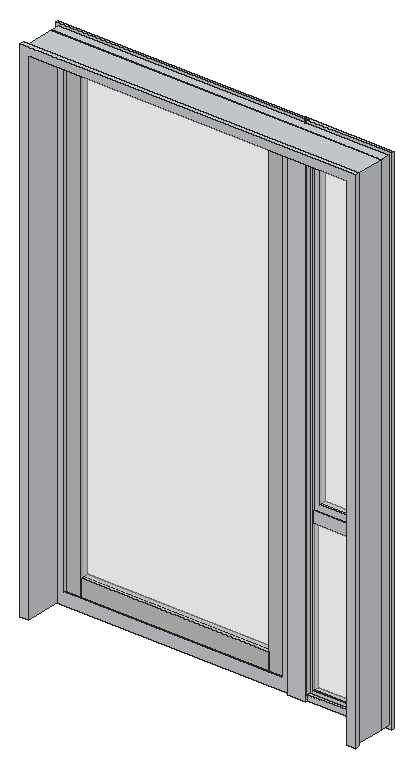
Revit family "APL Residential Thermal Heart Hinged Door with Sidelight", category Doors, host Wall, Revit 2017 (continued)
Definition of nested family "APL Residential Thermal Heart Hinged Door with Sidelight Open Out Horizontal Section"
  Definition of nested family "Frame Sash"
    Definition of nested family "65720_Sash"
      Lines and regions (mm)
        model lines, in view "Ref. Level"
          curve 101: line (16.808, -6.108, 0) -> (16.601, -8.474, 0)
          curve 102: line (17.003, -8.782, 0) -> (18.413, -8.268, 0)
          curve 103: line (19.183, -8, 0) -> (38.5, -8, 0)
          curve 104: line (39, -8.5, 0) -> (39, -13.6, 0)
          curve 105: line (39, -13.6, 0) -> (37.5, -13.6, 0)
          curve 106: line (36.5, -14.6, 0) -> (36.5, -15.098, 0)
          curve 107: line (37.5, -15.099, 0) -> (37.5, -14.6, 0)
          curve 108: line (37.5, -14.6, 0) -> (39.4, -14.6, 0)
          curve 109: line (39.4, -14.6, 0) -> (39.4, -19.8, 0)
          curve 110: line (39.4, -20.4, 0) -> (39.4, -25.6, 0)
          curve 111: line (39.4, -25.6, 0) -> (37.5, -25.6, 0)
          curve 112: line (37.5, -25.6, 0) -> (37.5, -24.002, 0)
          curve 113: line (37, -23.5, 0) -> (36.001, -23.5, 0)
          curve 114: line (35.429, -22.825, 0) -> (34.552, -22.589, 0)
          curve 115: line (34.3, -22.783, 0) -> (34.3, -23.589, 0)
          curve 116: line (34.3, -23.589, 0) -> (34.52, -24.835, 0)
          curve 117: line (34.717, -25, 0) -> (36, -25, 0)
          curve 118: line (36, -25, 0) -> (36, -26.8, 0)
          curve 119: line (36.2, -27, 0) -> (40.6, -27, 0)
          curve 120: line (40.8, -26.8, 0) -> (40.8, 9.2, 0)
          curve 121: line (39.6, 9.2, 0) -> (39.6, 4.17, 0)
          curve 122: line (39.6, 4.17, 0) -> (34.719, 4.17, 0)
          curve 123: line (32.801, 8, 0) -> (24.7, 8, 0)
          curve 124: line (24.7, 8, 0) -> (24.3, 7.6, 0)
          curve 125: line (24.3, 7.6, 0) -> (23.9, 8, 0)
          curve 126: line (23.9, 8, 0) -> (19.183, 8, 0)
          curve 127: line (18.413, 8.268, 0) -> (17.003, 8.782, 0)
          curve 128: line (16.601, 8.474, 0) -> (16.808, 6.108, 0)
          curve 129: line (16.895, 5.922, 0) -> (17.259, 5.559, 0)
          curve 130: line (17.593, 5.648, 0) -> (17.638, 5.816, 0)
          curve 131: line (17.638, 5.816, 0) -> (19.768, 6.49, 0)
          curve 132: line (19.768, 6.49, 0) -> (20, 6.5, 0)
          curve 133: line (20.1, 5.753, 0) -> (20.1, 2.525, 0)
          curve 134: line (20.1, 2.525, 0) -> (20.294, 1.75, 0)
          curve 135: line (20.1, 1.5, 0) -> (19.579, 1.5, 0)
          curve 136: line (19.579, 1.5, 0) -> (18.169, 2.309, 0)
          curve 137: line (17.6, 2.45, 0) -> (17.6, 0.874, 0)
          curve 138: line (22.5, 6.6, 0) -> (28.892, 6.6, 0)
          curve 139: line (34.135, 2.97, 0) -> (38.899, 2.97, 0)
          curve 140: line (39.4, 2.47, 0) -> (39.4, -6.3, 0)
          curve 141: line (38.9, -6.8, 0) -> (22.502, -6.8, 0)
          curve 142: line (22, -6.3, 0) -> (22, 6.1, 0)
          curve 143: arc (22, 6.1, 0) -> (22.146, 6.454, 0) -> (22.5, 6.6, 0) r 0.5
          curve 144: arc (12.714, 14.359, 0) -> (13.138, 14.183, 0) -> (13.314, 13.759, 0) r 0.6
          curve 145: arc (13.633, 5.978, 0) -> (13.937, 5.291, 0) -> (14.633, 5.009, 0) r 1
          curve 146: arc (17.054, 5.009, 0) -> (17.364, 5.05, 0) -> (17.654, 5.17, 0) r 1.2
          curve 147: arc (19.714, 6.209, 0) -> (19.996, 6.092, 0) -> (20.114, 5.809, 0) r 0.4
          curve 148: arc (20.014, 4.834, 0) -> (19.955, 4.693, 0) -> (19.814, 4.634, 0) r 0.2
          curve 149: arc (19.617, 4.653, 0) -> (19.041, 4.615, 0) -> (18.764, 4.109, 0) r 0.6
          curve 150: arc (18.764, 4.109, 0) -> (19.041, 3.603, 0) -> (19.617, 3.565, 0) r 0.6
          curve 151: arc (19.814, 3.584, 0) -> (19.955, 3.525, 0) -> (20.014, 3.384, 0) r 0.2
          curve 152: arc (20.114, 2.409, 0) -> (19.996, 2.126, 0) -> (19.714, 2.009, 0) r 0.4
          curve 153: arc (17.654, 3.048, 0) -> (17.364, 3.168, 0) -> (17.054, 3.209, 0) r 1.2
          curve 154: arc (8.374, 3.209, 0) -> (8.063, 3.168, 0) -> (7.774, 3.048, 0) r 1.2
          curve 155: arc (5.714, 2.009, 0) -> (5.431, 2.126, 0) -> (5.314, 2.409, 0) r 0.4
          curve 156: arc (5.414, 3.384, 0) -> (5.472, 3.525, 0) -> (5.614, 3.584, 0) r 0.2
          curve 157: arc (5.81, 3.565, 0) -> (6.386, 3.603, 0) -> (6.664, 4.109, 0) r 0.6
          curve 158: arc (6.664, 4.109, 0) -> (6.386, 4.615, 0) -> (5.81, 4.653, 0) r 0.6
          curve 159: arc (5.614, 4.634, 0) -> (5.472, 4.693, 0) -> (5.414, 4.834, 0) r 0.2
          curve 160: arc (5.314, 5.809, 0) -> (5.431, 6.092, 0) -> (5.714, 6.209, 0) r 0.4
          curve 161: arc (7.774, 5.17, 0) -> (8.063, 5.05, 0) -> (8.374, 5.009, 0) r 1.2
          curve 162: arc (10.794, 5.009, 0) -> (11.49, 5.291, 0) -> (11.794, 5.978, 0) r 1
          curve 163: line (13.314, 13.759, 0) -> (13.633, 5.978, 0)
          curve 164: line (14.633, 5.009, 0) -> (16.946, 5.009, 0)
          curve 165: line (17.654, 5.17, 0) -> (18.414, 5.609, 0)
          curve 166: line (18.414, 5.609, 0) -> (19.407, 6.182, 0)
          curve 167: line (19.407, 6.182, 0) -> (19.714, 6.209, 0)
          curve 168: line (20.114, 5.809, 0) -> (20.114, 5.309, 0)
          curve 169: line (20.114, 5.309, 0) -> (20.014, 4.834, 0)
          curve 170: line (20.014, 3.384, 0) -> (20.014, 3.009, 0)
          curve 171: line (20.014, 3.009, 0) -> (20.114, 2.409, 0)
          curve 172: line (19.714, 2.009, 0) -> (19.507, 2.009, 0)
          curve 173: line (19.507, 2.009, 0) -> (18.414, 2.609, 0)
          curve 174: line (18.414, 2.609, 0) -> (17.654, 3.048, 0)
          curve 175: line (16.946, 3.209, 0) -> (12.714, 3.209, 0)
          curve 176: line (12.714, 3.209, 0) -> (8.374, 3.209, 0)
          curve 177: line (7.774, 3.048, 0) -> (6.02, 2.036, 0)
          curve 178: line (6.02, 2.036, 0) -> (5.714, 2.009, 0)
          curve 179: line (5.314, 2.409, 0) -> (5.314, 2.909, 0)
          curve 180: line (5.314, 2.909, 0) -> (5.414, 3.384, 0)
          curve 181: line (5.414, 4.834, 0) -> (5.414, 5.209, 0)
          curve 182: line (5.414, 5.209, 0) -> (5.314, 5.809, 0)
          curve 183: line (5.714, 6.209, 0) -> (5.92, 6.209, 0)
          curve 184: line (5.92, 6.209, 0) -> (7.774, 5.17, 0)
          curve 185: line (8.374, 5.009, 0) -> (10.794, 5.009, 0)
          curve 186: line (11.794, 5.978, 0) -> (12.114, 13.768, 0)
          curve 187: arc (12.114, 13.768, 0) -> (12.293, 14.187, 0) -> (12.714, 14.359, 0) r 0.6
          curve 188: arc (5.3, -2.4, 0) -> (5.417, -2.117, 0) -> (5.7, -2, 0) r 0.4
          curve 189: arc (5.993, -2, 0) -> (6.096, -2.014, 0) -> (6.193, -2.054, 0) r 0.4
          curve 190: arc (7.721, -2.939, 0) -> (8.011, -3.059, 0) -> (8.322, -3.1, 0) r 1.2
          curve 191: arc (9.245, -3.1, 0) -> (9.818, -3.281, 0) -> (10.184, -3.758, 0) r 1
          curve 192: arc (10.977, -5.937, 0) -> (11.124, -6.128, 0) -> (11.353, -6.2, 0) r 0.4
          curve 193: arc (14.047, -6.2, 0) -> (14.276, -6.128, 0) -> (14.423, -5.937, 0) r 0.4
          curve 194: arc (15.216, -3.758, 0) -> (15.582, -3.281, 0) -> (16.155, -3.1, 0) r 1
          curve 195: arc (17.078, -3.1, 0) -> (17.389, -3.059, 0) -> (17.679, -2.939, 0) r 1.2
          curve 196: arc (19.207, -2.054, 0) -> (19.304, -2.014, 0) -> (19.407, -2, 0) r 0.4
          curve 197: arc (19.7, -2, 0) -> (19.983, -2.117, 0) -> (20.1, -2.4, 0) r 0.4
          curve 198: arc (20.1, -5.8, 0) -> (19.983, -6.083, 0) -> (19.7, -6.2, 0) r 0.4
          curve 199: arc (19.407, -6.2, 0) -> (19.304, -6.186, 0) -> (19.207, -6.146, 0) r 0.4
          curve 200: arc (17.679, -5.261, 0) -> (17.385, -5.14, 0) -> (17.07, -5.1, 0) r 1.2
          curve 201: arc (17.07, -5.1, 0) -> (16.895, -5.153, 0) -> (16.784, -5.297, 0) r 0.3
          curve 202: arc (15.896, -7.737, 0) -> (15.749, -7.928, 0) -> (15.52, -8, 0) r 0.4
          curve 203: arc (9.88, -8, 0) -> (9.651, -7.928, 0) -> (9.504, -7.737, 0) r 0.4
          curve 204: arc (8.616, -5.297, 0) -> (8.505, -5.153, 0) -> (8.33, -5.1, 0) r 0.3
          curve 205: arc (8.33, -5.1, 0) -> (8.015, -5.14, 0) -> (7.721, -5.261, 0) r 1.2
          curve 206: arc (6.193, -6.146, 0) -> (6.096, -6.186, 0) -> (5.993, -6.2, 0) r 0.4
          curve 207: arc (5.7, -6.2, 0) -> (5.417, -6.083, 0) -> (5.3, -5.8, 0) r 0.4
          curve 208: line (5.7, -2, 0) -> (5.993, -2, 0)
          curve 209: line (6.193, -2.054, 0) -> (7.721, -2.939, 0)
          curve 210: line (8.322, -3.1, 0) -> (9.245, -3.1, 0)
          curve 211: line (10.184, -3.758, 0) -> (10.977, -5.937, 0)
          curve 212: line (11.353, -6.2, 0) -> (14.047, -6.2, 0)
          curve 213: line (14.423, -5.937, 0) -> (15.216, -3.758, 0)
          curve 214: line (16.155, -3.1, 0) -> (17.078, -3.1, 0)
          curve 215: line (17.679, -2.939, 0) -> (19.207, -2.054, 0)
          curve 216: line (19.407, -2, 0) -> (19.7, -2, 0)
          curve 217: line (20.1, -2.4, 0) -> (20.1, -5.8, 0)
          curve 218: line (19.7, -6.2, 0) -> (19.407, -6.2, 0)
          curve 219: line (19.207, -6.146, 0) -> (17.679, -5.261, 0)
          curve 220: line (16.784, -5.297, 0) -> (15.896, -7.737, 0)
          curve 221: line (15.52, -8, 0) -> (9.88, -8, 0)
          curve 222: line (9.504, -7.737, 0) -> (8.616, -5.297, 0)
          curve 223: line (7.721, -5.261, 0) -> (6.193, -6.146, 0)
          curve 224: line (5.993, -6.2, 0) -> (5.7, -6.2, 0)
          curve 225: line (5.3, -5.8, 0) -> (5.3, -2.4, 0)
          curve 226: arc (7.8, -0.874, 0) -> (7.718, -0.477, 0) -> (7.485, -0.146, 0) r 1
          curve 227: arc (7.485, -0.146, 0) -> (7.422, 0, 0) -> (7.485, 0.146, 0) r 0.2
          curve 228: arc (7.485, 0.146, 0) -> (7.718, 0.477, 0) -> (7.8, 0.874, 0) r 1
          curve 229: arc (7.8, 2.449, 0) -> (7.673, 2.668, 0) -> (7.42, 2.663, 0) r 0.25
          curve 230: arc (7.334, 2.611, 0) -> (7.228, 2.479, 0) -> (7.231, 2.309, 0) r 0.25
          curve 231: arc (5.977, 1.544, 0) -> (5.902, 1.511, 0) -> (5.821, 1.5, 0) r 0.3
          curve 232: arc (5.3, 1.5, 0) -> (5.142, 1.578, 0) -> (5.106, 1.75, 0) r 0.2
          curve 233: arc (5.3, 5.753, 0) -> (5.274, 5.875, 0) -> (5.2, 5.976, 0) r 0.3
          curve 234: arc (5.2, 5.976, 0) -> (5.12, 6.307, 0) -> (5.4, 6.5, 0) r 0.3
          curve 235: arc (7.621, 5.957, 0) -> (7.71, 5.905, 0) -> (7.762, 5.816, 0) r 0.2
          curve 236: arc (7.807, 5.648, 0) -> (7.948, 5.507, 0) -> (8.141, 5.559, 0) r 0.2
          curve 237: arc (8.505, 5.922, 0) -> (8.565, 6.008, 0) -> (8.592, 6.108, 0) r 0.3
          curve 238: arc (8.799, 8.474, 0) -> (8.683, 8.738, 0) -> (8.397, 8.782, 0) r 0.3
          curve 239: arc (6.987, 8.268, 0) -> (6.861, 8.181, 0) -> (6.795, 8.043, 0) r 0.3
          curve 240: arc (6.795, 8.043, 0) -> (6.522, 7.801, 0) -> (6.217, 8, 0) r 0.3
          curve 241: arc (-3.3, 8, 0) -> (-4.007, 8.293, 0) -> (-4.3, 9, 0) r 1
          curve 242: arc (-4.3, 18.8, 0) -> (-4.241, 18.941, 0) -> (-4.1, 19, 0) r 0.2
          curve 243: arc (-3.2, 19, 0) -> (-2.493, 19.293, 0) -> (-2.2, 20, 0) r 1
          curve 244: arc (-2.2, 20.751, 0) -> (-2.7, 21.252, 0) -> (-3.2, 20.751, 0) r 0.5
          curve 245: arc (-3.2, 24.751, 0) -> (-2.7, 24.249, 0) -> (-2.2, 24.751, 0) r 0.5
          curve 246: arc (-2.2, 25.501, 0) -> (-2.493, 26.207, 0) -> (-3.199, 26.5, 0) r 0.999
          curve 247: arc (-4.7, 26.5, 0) -> (-5.407, 26.207, 0) -> (-5.7, 25.5, 0) r 1
          curve 248: arc (-5.7, -14.454, 0) -> (-5.548, -15.22, 0) -> (-5.114, -15.869, 0) r 2
          curve 249: arc (5.959, -26.941, 0) -> (6.177, -26.985, 0) -> (6.3, -26.8, 0) r 0.2
          curve 250: arc (6.3, -22.85, 0) -> (6.241, -22.709, 0) -> (6.1, -22.65, 0) r 0.2
          curve 251: arc (5.501, -22.65, 0) -> (5.359, -22.708, 0) -> (5.3, -22.85, 0) r 0.2
          curve 252: arc (5.3, -23.2, 0) -> (5.241, -23.341, 0) -> (5.1, -23.4, 0) r 0.201
          curve 253: arc (4.497, -23.4, 0) -> (4.357, -23.341, 0) -> (4.3, -23.2, 0) r 0.198
          curve 254: arc (4.3, -20.1, 0) -> (4.358, -19.96, 0) -> (4.497, -19.9, 0) r 0.2
          curve 255: arc (5.1, -19.9, 0) -> (5.241, -19.959, 0) -> (5.3, -20.1, 0) r 0.2
          curve 256: arc (5.3, -20.45, 0) -> (5.359, -20.591, 0) -> (5.5, -20.65, 0) r 0.2
          curve 257: arc (6.1, -20.65, 0) -> (6.241, -20.591, 0) -> (6.3, -20.45, 0) r 0.2
          curve 258: arc (6.3, -19.092, 0) -> (6.244, -18.951, 0) -> (6.1, -18.9, 0) r 0.184
          curve 259: arc (6.217, -8, 0) -> (6.522, -7.801, 0) -> (6.795, -8.043, 0) r 0.3
          curve 260: arc (6.795, -8.043, 0) -> (6.861, -8.181, 0) -> (6.987, -8.268, 0) r 0.3
          curve 261: arc (8.397, -8.782, 0) -> (8.683, -8.738, 0) -> (8.799, -8.474, 0) r 0.3
          curve 262: arc (8.592, -6.108, 0) -> (8.565, -6.008, 0) -> (8.505, -5.922, 0) r 0.3
          curve 263: arc (8.141, -5.559, 0) -> (7.948, -5.507, 0) -> (7.807, -5.648, 0) r 0.2
          curve 264: arc (7.762, -5.816, 0) -> (7.71, -5.905, 0) -> (7.621, -5.957, 0) r 0.2
          curve 265: arc (5.4, -6.5, 0) -> (5.12, -6.307, 0) -> (5.2, -5.976, 0) r 0.3
          curve 266: arc (5.2, -5.976, 0) -> (5.274, -5.875, 0) -> (5.3, -5.753, 0) r 0.3
          curve 267: arc (5.106, -1.75, 0) -> (5.142, -1.578, 0) -> (5.3, -1.5, 0) r 0.2
          curve 268: arc (5.82, -1.5, 0) -> (5.902, -1.511, 0) -> (5.977, -1.544, 0) r 0.3
          curve 269: arc (7.231, -2.309, 0) -> (7.228, -2.479, 0) -> (7.334, -2.611, 0) r 0.25
          curve 270: arc (7.42, -2.663, 0) -> (7.672, -2.668, 0) -> (7.8, -2.45, 0) r 0.25
          curve 271: arc (-0.454, 6.272, 0) -> (-0.427, 6.485, 0) -> (-0.608, 6.6, 0) r 0.2
          curve 272: arc (-3.4, 6.6, 0) -> (-4.107, 6.307, 0) -> (-4.4, 5.6, 0) r 1
          curve 273: arc (-4.4, -2.447, 0) -> (-4.254, -2.802, 0) -> (-3.9, -2.949, 0) r 0.5
          curve 274: arc (-2.4, -2.949, 0) -> (-1.693, -3.242, 0) -> (-1.4, -3.949, 0) r 1
          curve 275: arc (-1.4, -4.449, 0) -> (-1.9, -4.949, 0) -> (-2.4, -4.449, 0) r 0.5
          curve 276: arc (-4, -3.949, 0) -> (-4.283, -4.067, 0) -> (-4.4, -4.349, 0) r 0.4
          curve 277: arc (-4.4, -9.05, 0) -> (-4, -9.45, 0) -> (-4.4, -9.85, 0) r 0.4
          curve 278: arc (-4.4, -14.452, 0) -> (-4.347, -14.721, 0) -> (-4.195, -14.949, 0) r 0.7
          curve 279: arc (-2.4, -14.449, 0) -> (-1.9, -13.949, 0) -> (-1.4, -14.449, 0) r 0.5
          curve 280: arc (-1.4, -15.007, 0) -> (-1.602, -15.609, 0) -> (-2.125, -15.969, 0) r 1
          curve 281: arc (-2.125, -15.969, 0) -> (-2.472, -16.324, 0) -> (-2.341, -16.803, 0) r 0.5
          curve 282: arc (2.959, -22.103, 0) -> (3.177, -22.146, 0) -> (3.3, -21.962, 0) r 0.2
          curve 283: line (7.8, 0.874, 0) -> (7.8, 2.449, 0)
          curve 284: line (7.231, 2.309, 0) -> (5.977, 1.544, 0)
          curve 285: line (5.977, 1.544, 0) -> (5.3, 1.5, 0)
          curve 286: line (5.106, 1.75, 0) -> (5.294, 2.475, 0)
          curve 287: line (5.294, 2.475, 0) -> (5.3, 5.753, 0)
          curve 288: line (5.554, 6.5, 0) -> (7.621, 5.957, 0)
          curve 289: line (7.621, 5.957, 0) -> (7.807, 5.648, 0)
          curve 290: line (8.141, 5.559, 0) -> (8.505, 5.922, 0)
          curve 291: line (8.592, 6.108, 0) -> (8.799, 8.474, 0)
          curve 292: line (8.397, 8.782, 0) -> (6.987, 8.268, 0)
          curve 293: line (6.217, 8, 0) -> (-3.3, 8, 0)
          curve 294: line (-4.3, 9, 0) -> (-4.3, 18.8, 0)
          curve 295: line (-4.1, 19, 0) -> (-3.2, 19, 0)
          curve 296: line (-2.2, 20, 0) -> (-2.2, 20.751, 0)
          curve 297: line (-3.2, 20.751, 0) -> (-3.2, 20, 0)
          curve 298: line (-3.2, 20, 0) -> (-4.7, 20, 0)
          curve 299: line (-4.7, 20, 0) -> (-4.7, 25.5, 0)
          curve 300: line (-4.7, 25.5, 0) -> (-3.2, 25.5, 0)
          curve 301: line (-3.2, 25.5, 0) -> (-3.2, 24.751, 0)
          curve 302: line (-2.2, 24.751, 0) -> (-2.2, 25.501, 0)
          curve 303: line (-3.199, 26.5, 0) -> (-4.7, 26.5, 0)
          curve 304: line (-5.7, 25.5, 0) -> (-5.7, -14.454, 0)
          curve 305: line (-5.114, -15.869, 0) -> (5.959, -26.941, 0)
          curve 306: line (6.3, -26.8, 0) -> (6.3, -22.85, 0)
          curve 307: line (6.1, -22.65, 0) -> (5.501, -22.65, 0)
          curve 308: line (5.3, -22.85, 0) -> (5.3, -23.2, 0)
          curve 309: line (5.1, -23.4, 0) -> (4.497, -23.4, 0)
          curve 310: line (4.3, -23.2, 0) -> (4.3, -20.1, 0)
          curve 311: line (4.497, -19.9, 0) -> (5.1, -19.9, 0)
          curve 312: line (5.3, -20.1, 0) -> (5.3, -20.45, 0)
          curve 313: line (5.5, -20.65, 0) -> (6.1, -20.65, 0)
          curve 314: line (6.3, -20.45, 0) -> (6.3, -19.092, 0)
          curve 315: line (6.1, -18.9, 0) -> (4.6, -18.9, 0)
          curve 316: line (4.6, -18.9, 0) -> (4.6, -8, 0)
          curve 317: line (4.6, -8, 0) -> (6.217, -8, 0)
          curve 318: line (6.987, -8.268, 0) -> (8.397, -8.782, 0)
          curve 319: line (8.799, -8.474, 0) -> (8.592, -6.108, 0)
          curve 320: line (8.505, -5.922, 0) -> (8.141, -5.559, 0)
          curve 321: line (7.807, -5.648, 0) -> (7.762, -5.816, 0)
          curve 322: line (7.762, -5.816, 0) -> (5.632, -6.49, 0)
          curve 323: line (5.632, -6.49, 0) -> (5.4, -6.5, 0)
          curve 324: line (5.3, -5.753, 0) -> (5.3, -2.525, 0)
          curve 325: line (5.3, -2.525, 0) -> (5.106, -1.75, 0)
          curve 326: line (5.3, -1.5, 0) -> (5.82, -1.5, 0)
          curve 327: line (5.821, -1.5, 0) -> (7.231, -2.309, 0)
          curve 328: line (7.8, -2.45, 0) -> (7.8, -0.874, 0)
          curve 329: line (-0.608, 6.6, 0) -> (-3.4, 6.6, 0)
          curve 330: line (-4.4, 5.6, 0) -> (-4.4, -2.447, 0)
          curve 331: line (-3.9, -2.949, 0) -> (-2.4, -2.949, 0)
          curve 332: line (-1.4, -3.949, 0) -> (-1.4, -4.449, 0)
          curve 333: line (-2.4, -4.449, 0) -> (-2.4, -3.949, 0)
          curve 334: line (-2.4, -3.949, 0) -> (-4, -3.949, 0)
          curve 335: line (-4.4, -4.349, 0) -> (-4.4, -9.05, 0)
          curve 336: line (-4.4, -9.85, 0) -> (-4.4, -14.452, 0)
          curve 337: line (-4.195, -14.949, 0) -> (-2.4, -14.949, 0)
          curve 338: line (-2.4, -14.949, 0) -> (-2.4, -14.449, 0)
          curve 339: line (-1.4, -14.449, 0) -> (-1.4, -15.007, 0)
          curve 340: line (-2.341, -16.803, 0) -> (2.959, -22.103, 0)
          curve 341: line (3.3, -21.962, 0) -> (3.3, 2.193, 0)
          curve 342: arc (3.3, 2.193, 0) -> (3.272, 2.296, 0) -> (3.194, 2.37, 0) r 0.2
          curve 343: arc (3.194, 2.37, 0) -> (2.838, 2.85, 0) -> (2.984, 3.43, 0) r 0.7
          curve 344: arc (2.984, 3.43, 0) -> (3.33, 4.4, 0) -> (2.984, 5.37, 0) r 1.53
          curve 345: arc (2.984, 5.37, 0) -> (2.892, 5.514, 0) -> (2.838, 5.676, 0) r 0.7
          curve 346: arc (2.838, 5.676, 0) -> (2.741, 5.888, 0) -> (2.559, 6.032, 0) r 0.5
          curve 347: arc (2.559, 6.032, 0) -> (1.8, 6.2, 0) -> (1.041, 6.032, 0) r 1.8
          curve 348: arc (1.041, 6.032, 0) -> (0.859, 5.888, 0) -> (0.762, 5.676, 0) r 0.5
          curve 349: arc (0.762, 5.676, 0) -> (0.708, 5.514, 0) -> (0.616, 5.37, 0) r 0.7
          curve 350: arc (0.616, 5.37, 0) -> (0.27, 4.4, 0) -> (0.616, 3.43, 0) r 1.53
          curve 351: arc (0.616, 3.43, 0) -> (0.519, 2.445, 0) -> (-0.466, 2.543, 0) r 0.7
          curve 352: arc (-0.466, 2.543, 0) -> (-1.13, 4.41, 0) -> (-0.454, 6.272, 0) r 2.93
      Text (mm)
        text "65720" at (33.241, 33.025, 0), in view "Ref. Level"
    Definition of nested family "65180_Sidelight Frame"
      Reference planes
        plane 1 "Center (Front/Back)": y = 0
        plane 2: z = 0
        plane 3 "Center (Left/Right)": x = 0
      Lines and regions (mm)
        model lines, in view "Ref. Level"
          curve 1: arc (13.922, -26.595, 0) -> (14.008, -26.535, 0) -> (14.108, -26.508, 0) r 0.3
          curve 2: arc (16.474, -26.301, 0) -> (16.738, -26.417, 0) -> (16.782, -26.703, 0) r 0.3
          curve 3: arc (16.268, -28.113, 0) -> (16.181, -28.239, 0) -> (16.043, -28.305, 0) r 0.3
          curve 4: arc (16.043, -28.305, 0) -> (15.801, -28.578, 0) -> (16, -28.883, 0) r 0.3
          curve 5: arc (16, -33, 0) -> (15.941, -33.141, 0) -> (15.8, -33.2, 0) r 0.2
          curve 6: arc (15.5, -33.2, 0) -> (15.2, -33.12, 0) -> (14.98, -32.9, 0) r 0.6
          curve 7: arc (14.345, -31.8, 0) -> (14.272, -31.727, 0) -> (14.172, -31.7, 0) r 0.2
          curve 8: arc (-2.699, -31.7, 0) -> (-3.407, -31.993, 0) -> (-3.7, -32.7, 0) r 1
          curve 9: arc (-3.7, -34.764, 0) -> (-3.662, -34.956, 0) -> (-3.554, -35.118, 0) r 0.5
          curve 10: arc (1.791, -40.463, 0) -> (2.1, -40.673, 0) -> (2.463, -40.755, 0) r 1
          curve 11: arc (14.935, -41.178, 0) -> (15.052, -41.143, 0) -> (15.127, -41.047, 0) r 0.2
          curve 12: arc (15.127, -41.047, 0) -> (15.234, -40.879, 0) -> (15.403, -40.775, 0) r 0.45
          curve 13: arc (15.403, -40.775, 0) -> (15.522, -40.771, 0) -> (15.621, -40.835, 0) r 0.2
          curve 14: arc (16, -42.3, 0) -> (15.941, -42.441, 0) -> (15.8, -42.5, 0) r 0.2
          curve 15: arc (2.243, -42.5, 0) -> (1.095, -42.272, 0) -> (0.121, -41.621, 0) r 3
          curve 16: arc (-4.121, -37.379, 0) -> (-5.095, -36.728, 0) -> (-6.243, -36.5, 0) r 3
          curve 17: arc (-19, -36.5, 0) -> (-19.707, -36.207, 0) -> (-20, -35.5, 0) r 1
          curve 18: arc (-20, -29.708, 0) -> (-19.944, -29.561, 0) -> (-19.8, -29.5, 0) r 0.2
          curve 19: arc (-19, -29.5, 0) -> (-18.859, -29.559, 0) -> (-18.8, -29.7, 0) r 0.2
          curve 20: arc (-18.8, -29.995, 0) -> (-18.547, -30.43, 0) -> (-18.044, -30.424, 0) r 0.5
          curve 21: arc (-18.044, -30.424, 0) -> (-16.297, -30.007, 0) -> (-14.624, -30.663, 0) r 3
          curve 22: arc (-14.624, -30.663, 0) -> (-14.512, -31.7, 0) -> (-15.549, -31.812, 0) r 0.737
          curve 23: arc (-15.549, -31.812, 0) -> (-16.505, -31.475, 0) -> (-17.461, -31.812, 0) r 1.525
          curve 24: arc (-17.461, -31.812, 0) -> (-17.612, -31.906, 0) -> (-17.78, -31.961, 0) r 0.737
          curve 25: arc (-17.78, -31.961, 0) -> (-17.992, -32.058, 0) -> (-18.137, -32.24, 0) r 0.5
          curve 26: arc (-18.137, -32.24, 0) -> (-18.305, -33, 0) -> (-18.136, -33.76, 0) r 1.8
          curve 27: arc (-18.136, -33.76, 0) -> (-17.992, -33.942, 0) -> (-17.781, -34.039, 0) r 0.5
          curve 28: arc (-17.781, -34.039, 0) -> (-17.613, -34.094, 0) -> (-17.462, -34.187, 0) r 0.75
          curve 29: arc (-17.462, -34.187, 0) -> (-16.505, -34.525, 0) -> (-15.548, -34.187, 0) r 1.525
          curve 30: arc (-15.548, -34.187, 0) -> (-14.677, -34.143, 0) -> (-14.353, -34.952, 0) r 0.75
          curve 31: arc (-14.353, -34.952, 0) -> (-14.316, -35.123, 0) -> (-14.159, -35.2, 0) r 0.2
          curve 32: arc (-6.7, -35.2, 0) -> (-6.346, -35.053, 0) -> (-6.2, -34.7, 0) r 0.5
          curve 33: arc (-6.2, -32.7, 0) -> (-5.175, -30.225, 0) -> (-2.7, -29.2, 0) r 3.5
          curve 34: arc (-0.2, -29.2, 0) -> (-0.059, -29.141, 0) -> (0, -29, 0) r 0.2
          curve 35: arc (0, -28.883, 0) -> (0.199, -28.578, 0) -> (-0.043, -28.305, 0) r 0.3
          curve 36: arc (-0.043, -28.305, 0) -> (-0.181, -28.239, 0) -> (-0.268, -28.113, 0) r 0.3
          curve 37: arc (-0.782, -26.703, 0) -> (-0.738, -26.417, 0) -> (-0.474, -26.301, 0) r 0.3
          curve 38: arc (1.892, -26.508, 0) -> (1.992, -26.535, 0) -> (2.078, -26.595, 0) r 0.3
          curve 39: arc (2.441, -26.959, 0) -> (2.493, -27.152, 0) -> (2.352, -27.293, 0) r 0.2
          curve 40: arc (2.184, -27.338, 0) -> (2.095, -27.39, 0) -> (2.043, -27.479, 0) r 0.2
          curve 41: arc (1.5, -29.7, 0) -> (1.693, -29.98, 0) -> (2.024, -29.9, 0) r 0.3
          curve 42: arc (2.024, -29.9, 0) -> (2.125, -29.826, 0) -> (2.247, -29.8, 0) r 0.3
          curve 43: arc (6.25, -29.994, 0) -> (6.422, -29.958, 0) -> (6.5, -29.8, 0) r 0.2
          curve 44: arc (6.5, -29.279, 0) -> (6.489, -29.198, 0) -> (6.456, -29.123, 0) r 0.3
          curve 45: arc (5.691, -27.869, 0) -> (5.521, -27.872, 0) -> (5.389, -27.766, 0) r 0.25
          curve 46: arc (5.337, -27.68, 0) -> (5.332, -27.428, 0) -> (5.55, -27.3, 0) r 0.25
          curve 47: arc (7.125, -27.3, 0) -> (7.522, -27.382, 0) -> (7.854, -27.615, 0) r 1
          curve 48: arc (7.854, -27.615, 0) -> (8, -27.678, 0) -> (8.146, -27.615, 0) r 0.2
          curve 49: arc (8.146, -27.615, 0) -> (8.477, -27.382, 0) -> (8.874, -27.3, 0) r 1
          curve 50: arc (10.45, -27.3, 0) -> (10.668, -27.427, 0) -> (10.663, -27.68, 0) r 0.25
          curve 51: arc (10.611, -27.766, 0) -> (10.479, -27.872, 0) -> (10.309, -27.869, 0) r 0.25
          curve 52: arc (9.544, -29.123, 0) -> (9.511, -29.198, 0) -> (9.5, -29.279, 0) r 0.3
          curve 53: arc (9.5, -29.8, 0) -> (9.578, -29.958, 0) -> (9.75, -29.994, 0) r 0.2
          curve 54: arc (13.753, -29.8, 0) -> (13.875, -29.826, 0) -> (13.976, -29.9, 0) r 0.3
          curve 55: arc (13.976, -29.9, 0) -> (14.307, -29.98, 0) -> (14.5, -29.7, 0) r 0.3
          curve 56: arc (13.957, -27.479, 0) -> (13.905, -27.39, 0) -> (13.816, -27.338, 0) r 0.2
          curve 57: arc (13.648, -27.293, 0) -> (13.507, -27.152, 0) -> (13.559, -26.959, 0) r 0.2
          curve 58: line (14.108, -26.508, 0) -> (16.474, -26.301, 0)
          curve 59: line (16.782, -26.703, 0) -> (16.268, -28.113, 0)
          curve 60: line (16, -28.883, 0) -> (16, -33, 0)
          curve 61: line (15.8, -33.2, 0) -> (15.5, -33.2, 0)
          curve 62: line (14.98, -32.9, 0) -> (14.345, -31.8, 0)
          curve 63: line (14.172, -31.7, 0) -> (-2.699, -31.7, 0)
          curve 64: line (-3.7, -32.7, 0) -> (-3.7, -34.764, 0)
          curve 65: line (-3.554, -35.118, 0) -> (1.791, -40.463, 0)
          curve 66: line (2.463, -40.755, 0) -> (14, -41.158, 0)
          curve 67: line (14, -41.158, 0) -> (14.935, -41.178, 0)
          curve 68: line (15.621, -40.835, 0) -> (15.953, -41.231, 0)
          curve 69: line (15.953, -41.231, 0) -> (16, -42.3, 0)
          curve 70: line (15.8, -42.5, 0) -> (2.243, -42.5, 0)
          curve 71: line (0.121, -41.621, 0) -> (-4.121, -37.379, 0)
          curve 72: line (-6.243, -36.5, 0) -> (-19, -36.5, 0)
          curve 73: line (-20, -35.5, 0) -> (-20, -29.708, 0)
          curve 74: line (-19.8, -29.5, 0) -> (-19, -29.5, 0)
          curve 75: line (-18.8, -29.7, 0) -> (-18.8, -29.995, 0)
          curve 76: line (-14.159, -35.2, 0) -> (-6.7, -35.2, 0)
          curve 77: line (-6.2, -34.7, 0) -> (-6.2, -32.7, 0)
          curve 78: line (-2.7, -29.2, 0) -> (-0.2, -29.2, 0)
          curve 79: line (-0.268, -28.113, 0) -> (-0.782, -26.703, 0)
          curve 80: line (-0.474, -26.301, 0) -> (1.892, -26.508, 0)
          curve 81: line (2.078, -26.595, 0) -> (2.441, -26.959, 0)
          curve 82: line (2.352, -27.293, 0) -> (2.184, -27.338, 0)
          curve 83: line (2.184, -27.338, 0) -> (1.51, -29.468, 0)
          curve 84: line (1.51, -29.468, 0) -> (1.5, -29.7, 0)
          curve 85: line (2.247, -29.8, 0) -> (5.475, -29.8, 0)
          curve 86: line (5.475, -29.8, 0) -> (6.25, -29.994, 0)
          curve 87: line (6.5, -29.8, 0) -> (6.5, -29.279, 0)
          curve 88: line (6.5, -29.279, 0) -> (5.691, -27.869, 0)
          curve 89: line (5.55, -27.3, 0) -> (7.125, -27.3, 0)
          curve 90: line (8.874, -27.3, 0) -> (10.45, -27.3, 0)
          curve 91: line (10.309, -27.869, 0) -> (9.544, -29.123, 0)
          curve 92: line (9.544, -29.123, 0) -> (9.5, -29.8, 0)
          curve 93: line (9.75, -29.994, 0) -> (10.5, -29.8, 0)
          curve 94: line (10.475, -29.806, 0) -> (13.753, -29.8, 0)
          curve 95: line (14.5, -29.546, 0) -> (13.957, -27.479, 0)
          curve 96: line (13.957, -27.479, 0) -> (13.648, -27.293, 0)
          curve 97: line (13.559, -26.959, 0) -> (13.922, -26.595, 0)
          curve 98: arc (5.6, -29.8, 0) -> (5.883, -29.683, 0) -> (6, -29.4, 0) r 0.4
          curve 99: arc (6, -29.107, 0) -> (5.986, -29.004, 0) -> (5.946, -28.907, 0) r 0.4
          curve 100: arc (5.061, -27.379, 0) -> (4.941, -27.089, 0) -> (4.9, -26.778, 0) r 1.2
          curve 101: arc (4.9, -25.855, 0) -> (4.719, -25.282, 0) -> (4.242, -24.916, 0) r 1
          curve 102: arc (2.063, -24.123, 0) -> (1.872, -23.976, 0) -> (1.8, -23.747, 0) r 0.4
          curve 103: arc (1.8, -21.053, 0) -> (1.872, -20.824, 0) -> (2.063, -20.677, 0) r 0.4
          curve 104: arc (4.242, -19.884, 0) -> (4.719, -19.518, 0) -> (4.9, -18.945, 0) r 1
          curve 105: arc (4.9, -18.022, 0) -> (4.941, -17.711, 0) -> (5.061, -17.421, 0) r 1.2
          curve 106: arc (5.946, -15.893, 0) -> (5.986, -15.796, 0) -> (6, -15.693, 0) r 0.4
          curve 107: arc (6, -15.4, 0) -> (5.883, -15.117, 0) -> (5.6, -15, 0) r 0.4
          curve 108: arc (2.2, -15, 0) -> (1.917, -15.117, 0) -> (1.8, -15.4, 0) r 0.4
          curve 109: arc (1.8, -15.693, 0) -> (1.814, -15.796, 0) -> (1.854, -15.893, 0) r 0.4
          curve 110: arc (2.739, -17.421, 0) -> (2.86, -17.715, 0) -> (2.9, -18.03, 0) r 1.2
          curve 111: arc (2.9, -18.03, 0) -> (2.847, -18.205, 0) -> (2.703, -18.316, 0) r 0.3
          curve 112: arc (0.263, -19.204, 0) -> (0.072, -19.351, 0) -> (0, -19.58, 0) r 0.4
          curve 113: arc (0, -25.22, 0) -> (0.072, -25.449, 0) -> (0.263, -25.596, 0) r 0.4
          curve 114: arc (2.703, -26.484, 0) -> (2.847, -26.595, 0) -> (2.9, -26.77, 0) r 0.3
          curve 115: arc (2.9, -26.77, 0) -> (2.86, -27.085, 0) -> (2.739, -27.379, 0) r 1.2
          curve 116: arc (1.854, -28.907, 0) -> (1.814, -29.004, 0) -> (1.8, -29.107, 0) r 0.4
          curve 117: arc (1.8, -29.4, 0) -> (1.917, -29.683, 0) -> (2.2, -29.8, 0) r 0.4
          curve 118: line (6, -29.4, 0) -> (6, -29.107, 0)
          curve 119: line (5.946, -28.907, 0) -> (5.061, -27.379, 0)
          curve 120: line (4.9, -26.778, 0) -> (4.9, -25.855, 0)
          curve 121: line (4.242, -24.916, 0) -> (2.063, -24.123, 0)
          curve 122: line (1.8, -23.747, 0) -> (1.8, -21.053, 0)
          curve 123: line (2.063, -20.677, 0) -> (4.242, -19.884, 0)
          curve 124: line (4.9, -18.945, 0) -> (4.9, -18.022, 0)
          curve 125: line (5.061, -17.421, 0) -> (5.946, -15.893, 0)
          curve 126: line (6, -15.693, 0) -> (6, -15.4, 0)
          curve 127: line (5.6, -15, 0) -> (2.2, -15, 0)
          curve 128: line (1.8, -15.4, 0) -> (1.8, -15.693, 0)
          curve 129: line (1.854, -15.893, 0) -> (2.739, -17.421, 0)
          curve 130: line (2.703, -18.316, 0) -> (0.263, -19.204, 0)
          curve 131: line (0, -19.58, 0) -> (0, -25.22, 0)
          curve 132: line (0.263, -25.596, 0) -> (2.703, -26.484, 0)
          curve 133: line (2.739, -27.379, 0) -> (1.854, -28.907, 0)
          curve 134: line (1.8, -29.107, 0) -> (1.8, -29.4, 0)
          curve 135: line (2.2, -29.8, 0) -> (5.6, -29.8, 0)
          curve 136: arc (10.4, -29.8, 0) -> (10.117, -29.683, 0) -> (10, -29.4, 0) r 0.4
          curve 137: arc (10, -29.107, 0) -> (10.014, -29.004, 0) -> (10.054, -28.907, 0) r 0.4
          curve 138: arc (10.939, -27.379, 0) -> (11.059, -27.089, 0) -> (11.1, -26.778, 0) r 1.2
          curve 139: arc (11.1, -25.855, 0) -> (11.281, -25.282, 0) -> (11.758, -24.916, 0) r 1
          curve 140: arc (13.937, -24.123, 0) -> (14.128, -23.976, 0) -> (14.2, -23.747, 0) r 0.4
          curve 141: arc (14.2, -21.053, 0) -> (14.128, -20.824, 0) -> (13.937, -20.677, 0) r 0.4
          curve 142: arc (11.758, -19.884, 0) -> (11.281, -19.518, 0) -> (11.1, -18.945, 0) r 1
          curve 143: arc (11.1, -18.022, 0) -> (11.059, -17.711, 0) -> (10.939, -17.421, 0) r 1.2
          curve 144: arc (10.054, -15.893, 0) -> (10.014, -15.796, 0) -> (10, -15.693, 0) r 0.4
          curve 145: arc (10, -15.4, 0) -> (10.117, -15.117, 0) -> (10.4, -15, 0) r 0.4
          curve 146: arc (13.8, -15, 0) -> (14.083, -15.117, 0) -> (14.2, -15.4, 0) r 0.4
          curve 147: arc (14.2, -15.693, 0) -> (14.186, -15.796, 0) -> (14.146, -15.893, 0) r 0.4
          curve 148: arc (13.261, -17.421, 0) -> (13.14, -17.715, 0) -> (13.1, -18.03, 0) r 1.2
          curve 149: arc (13.1, -18.03, 0) -> (13.153, -18.205, 0) -> (13.297, -18.316, 0) r 0.3
          curve 150: arc (15.737, -19.204, 0) -> (15.928, -19.351, 0) -> (16, -19.58, 0) r 0.4
          curve 151: arc (16, -25.22, 0) -> (15.928, -25.449, 0) -> (15.737, -25.596, 0) r 0.4
          curve 152: arc (13.297, -26.484, 0) -> (13.153, -26.595, 0) -> (13.1, -26.77, 0) r 0.3
          curve 153: arc (13.1, -26.77, 0) -> (13.14, -27.085, 0) -> (13.261, -27.379, 0) r 1.2
          curve 154: arc (14.146, -28.907, 0) -> (14.186, -29.004, 0) -> (14.2, -29.107, 0) r 0.4
          curve 155: arc (14.2, -29.4, 0) -> (14.083, -29.683, 0) -> (13.8, -29.8, 0) r 0.4
          curve 156: line (10, -29.4, 0) -> (10, -29.107, 0)
          curve 157: line (10.054, -28.907, 0) -> (10.939, -27.379, 0)
          curve 158: line (11.1, -26.778, 0) -> (11.1, -25.855, 0)
          curve 159: line (11.758, -24.916, 0) -> (13.937, -24.123, 0)
          curve 160: line (14.2, -23.747, 0) -> (14.2, -21.053, 0)
          curve 161: line (13.937, -20.677, 0) -> (11.758, -19.884, 0)
          curve 162: line (11.1, -18.945, 0) -> (11.1, -18.022, 0)
          curve 163: line (10.939, -17.421, 0) -> (10.054, -15.893, 0)
          curve 164: line (10, -15.693, 0) -> (10, -15.4, 0)
          curve 165: line (10.4, -15, 0) -> (13.8, -15, 0)
          curve 166: line (14.2, -15.4, 0) -> (14.2, -15.693, 0)
          curve 167: line (14.146, -15.893, 0) -> (13.261, -17.421, 0)
          curve 168: line (13.297, -18.316, 0) -> (15.737, -19.204, 0)
          curve 169: line (16, -19.58, 0) -> (16, -25.22, 0)
          curve 170: line (15.737, -25.596, 0) -> (13.297, -26.484, 0)
          curve 171: line (13.261, -27.379, 0) -> (14.146, -28.907, 0)
          curve 172: line (14.2, -29.107, 0) -> (14.2, -29.4, 0)
          curve 173: line (13.8, -29.8, 0) -> (10.4, -29.8, 0)
          curve 174: arc (20.188, 16.327, 0) -> (20.255, 16.451, 0) -> (20.387, 16.5, 0) r 0.2
          curve 175: arc (20.7, 16.5, 0) -> (20.841, 16.559, 0) -> (20.9, 16.7, 0) r 0.2
          curve 176: arc (20.9, 20, 0) -> (21.4, 20.5, 0) -> (21.9, 20, 0) r 0.5
          curve 177: arc (21.9, 16.5, 0) -> (21.349, 14.768, 0) -> (19.9, 13.672, 0) r 3
          curve 178: arc (19.9, 13.672, 0) -> (18.451, 12.575, 0) -> (17.9, 10.843, 0) r 3
          curve 179: arc (17.9, 6.583, 0) -> (18.701, 4.543, 0) -> (20.676, 3.592, 0) r 3
          curve 180: arc (34.8, 3.5, 0) -> (34.941, 3.441, 0) -> (35, 3.3, 0) r 0.2
          curve 181: arc (35, 0.2, 0) -> (34.941, 0.059, 0) -> (34.8, 0, 0) r 0.2
          curve 182: arc (33.25, 0, 0) -> (32.749, 0.499, 0) -> (33.249, 1, 0) r 0.5
          curve 183: arc (29.249, 1, 0) -> (29.749, 0.5, 0) -> (29.249, 0, 0) r 0.5
          curve 184: arc (28.5, 0, 0) -> (27.793, 0.293, 0) -> (27.5, 1, 0) r 1
          curve 185: arc (27.5, 1.9, 0) -> (27.441, 2.041, 0) -> (27.3, 2.1, 0) r 0.2
          curve 186: arc (16.2, 2.1, 0) -> (16.059, 2.041, 0) -> (16, 1.9, 0) r 0.2
          curve 187: arc (16, -15.917, 0) -> (15.801, -16.222, 0) -> (16.043, -16.495, 0) r 0.3
          curve 188: arc (16.043, -16.495, 0) -> (16.181, -16.561, 0) -> (16.268, -16.687, 0) r 0.3
          curve 189: arc (16.782, -18.097, 0) -> (16.738, -18.383, 0) -> (16.474, -18.499, 0) r 0.3
          curve 190: arc (14.108, -18.292, 0) -> (14.008, -18.265, 0) -> (13.922, -18.205, 0) r 0.3
          curve 191: arc (13.559, -17.841, 0) -> (13.507, -17.648, 0) -> (13.648, -17.507, 0) r 0.2
          curve 192: arc (13.816, -17.462, 0) -> (13.905, -17.41, 0) -> (13.957, -17.321, 0) r 0.2
          curve 193: arc (14.5, -15.1, 0) -> (14.307, -14.82, 0) -> (13.976, -14.9, 0) r 0.3
          curve 194: arc (13.976, -14.9, 0) -> (13.875, -14.974, 0) -> (13.753, -15, 0) r 0.3
          curve 195: arc (9.75, -14.806, 0) -> (9.578, -14.842, 0) -> (9.5, -15, 0) r 0.2
          curve 196: arc (9.5, -15.521, 0) -> (9.511, -15.602, 0) -> (9.544, -15.677, 0) r 0.3
          curve 197: arc (10.309, -16.931, 0) -> (10.479, -16.928, 0) -> (10.611, -17.034, 0) r 0.25
          curve 198: arc (10.663, -17.12, 0) -> (10.668, -17.372, 0) -> (10.45, -17.5, 0) r 0.25
          curve 199: arc (8.874, -17.5, 0) -> (8.477, -17.418, 0) -> (8.146, -17.185, 0) r 1
          curve 200: arc (8.146, -17.185, 0) -> (8, -17.122, 0) -> (7.854, -17.185, 0) r 0.2
          curve 201: arc (7.854, -17.185, 0) -> (7.523, -17.418, 0) -> (7.126, -17.5, 0) r 1
          curve 202: arc (5.55, -17.5, 0) -> (5.332, -17.372, 0) -> (5.337, -17.12, 0) r 0.25
          curve 203: arc (5.389, -17.034, 0) -> (5.521, -16.928, 0) -> (5.691, -16.931, 0) r 0.25
          curve 204: arc (6.456, -15.677, 0) -> (6.489, -15.602, 0) -> (6.5, -15.521, 0) r 0.3
          curve 205: arc (6.5, -15, 0) -> (6.422, -14.842, 0) -> (6.25, -14.806, 0) r 0.2
          curve 206: arc (2.247, -15, 0) -> (2.125, -14.974, 0) -> (2.024, -14.9, 0) r 0.3
          curve 207: arc (2.024, -14.9, 0) -> (1.693, -14.82, 0) -> (1.5, -15.1, 0) r 0.3
          curve 208: arc (2.043, -17.321, 0) -> (2.095, -17.41, 0) -> (2.184, -17.462, 0) r 0.2
          curve 209: arc (2.352, -17.507, 0) -> (2.493, -17.648, 0) -> (2.441, -17.841, 0) r 0.2
          curve 210: arc (2.078, -18.205, 0) -> (1.992, -18.265, 0) -> (1.892, -18.292, 0) r 0.3
          curve 211: arc (-0.474, -18.499, 0) -> (-0.738, -18.383, 0) -> (-0.782, -18.097, 0) r 0.3
          curve 212: arc (-0.268, -16.687, 0) -> (-0.181, -16.561, 0) -> (-0.043, -16.495, 0) r 0.3
          curve 213: arc (-0.043, -16.495, 0) -> (0.199, -16.222, 0) -> (0, -15.917, 0) r 0.3
          curve 214: arc (0, -14.1, 0) -> (0.293, -13.393, 0) -> (1, -13.1, 0) r 1
          curve 215: arc (13.8, -13.1, 0) -> (13.941, -13.041, 0) -> (14, -12.9, 0) r 0.2
          curve 216: arc (14, -4.691, 0) -> (13.854, -4.337, 0) -> (13.5, -4.191, 0) r 0.5
          curve 217: arc (10.076, -4.191, 0) -> (9.722, -4.044, 0) -> (9.575, -3.691, 0) r 0.501
          curve 218: arc (9.575, 3, 0) -> (9.634, 3.141, 0) -> (9.775, 3.2, 0) r 0.2
          curve 219: arc (10.775, 3.2, 0) -> (10.916, 3.141, 0) -> (10.975, 3, 0) r 0.2
          curve 220: arc (10.975, 1.817, 0) -> (11.068, 1.527, 0) -> (11.311, 1.345, 0) r 0.5
          curve 221: arc (11.311, 1.345, 0) -> (11.841, 0.791, 0) -> (11.698, 0.038, 0) r 0.837
          curve 222: arc (11.698, 0.038, 0) -> (11.375, -0.9, 0) -> (11.698, -1.838, 0) r 1.525
          curve 223: arc (11.698, -1.838, 0) -> (11.797, -2, 0) -> (11.857, -2.18, 0) r 0.837
          curve 224: arc (11.857, -2.18, 0) -> (11.954, -2.386, 0) -> (12.133, -2.528, 0) r 0.5
          curve 225: arc (12.133, -2.528, 0) -> (12.9, -2.7, 0) -> (13.667, -2.528, 0) r 1.8
          curve 226: arc (13.667, -2.528, 0) -> (13.846, -2.386, 0) -> (13.943, -2.18, 0) r 0.5
          curve 227: arc (13.943, -2.18, 0) -> (14.003, -2, 0) -> (14.102, -1.838, 0) r 0.837
          curve 228: arc (14.102, -1.838, 0) -> (14.425, -0.9, 0) -> (14.102, 0.038, 0) r 1.525
          curve 229: arc (14.102, 0.038, 0) -> (13.936, 0.688, 0) -> (14.3, 1.252, 0) r 0.837
          curve 230: arc (14.3, 1.9, 0) -> (14.794, 3.178, 0) -> (16.019, 3.791, 0) r 1.9
          curve 231: arc (16.019, 3.791, 0) -> (16.148, 3.856, 0) -> (16.2, 3.99, 0) r 0.2
          curve 232: arc (16.2, 11.8, 0) -> (16.141, 11.941, 0) -> (16, 12, 0) r 0.2
          curve 233: arc (15.2, 12, 0) -> (14.7, 12.5, 0) -> (15.2, 13, 0) r 0.5
          curve 234: arc (16, 13, 0) -> (16.141, 13.059, 0) -> (16.2, 13.2, 0) r 0.2
          curve 235: arc (16.2, 14.8, 0) -> (16.141, 14.941, 0) -> (16, 15, 0) r 0.2
          curve 236: arc (11.266, 15, 0) -> (11.15, 14.963, 0) -> (11.077, 14.867, 0) r 0.2
          curve 237: arc (11.077, 14.867, 0) -> (10.7, 14.6, 0) -> (10.323, 14.867, 0) r 0.4
          curve 238: arc (10.323, 14.867, 0) -> (10.25, 14.963, 0) -> (10.134, 15, 0) r 0.2
          curve 239: arc (5.4, 15, 0) -> (5.259, 14.941, 0) -> (5.2, 14.8, 0) r 0.2
          curve 240: arc (5.2, 13.2, 0) -> (5.259, 13.059, 0) -> (5.4, 13, 0) r 0.2
          curve 241: arc (6.2, 13, 0) -> (6.7, 12.5, 0) -> (6.2, 12, 0) r 0.5
          curve 242: arc (5.2, 12, 0) -> (4.493, 12.293, 0) -> (4.2, 13, 0) r 1
          curve 243: arc (4.2, 14.8, 0) -> (4.141, 14.941, 0) -> (4, 15, 0) r 0.2
          curve 244: arc (1, 15, 0) -> (0.293, 15.293, 0) -> (0, 16, 0) r 1
          curve 245: arc (0, 26.5, 0) -> (0.7, 27.2, 0) -> (1.4, 26.5, 0) r 0.7
          curve 246: arc (1.4, 16.7, 0) -> (1.459, 16.559, 0) -> (1.6, 16.5, 0) r 0.2
          curve 247: line (20.387, 16.5, 0) -> (20.7, 16.5, 0)
          curve 248: line (20.9, 16.7, 0) -> (20.9, 20, 0)
          curve 249: line (21.9, 20, 0) -> (21.9, 16.5, 0)
          curve 250: line (17.9, 10.843, 0) -> (17.9, 6.583, 0)
          curve 251: line (20.676, 3.592, 0) -> (21.9, 3.5, 0)
          curve 252: line (21.9, 3.5, 0) -> (34.8, 3.5, 0)
          curve 253: line (35, 3.3, 0) -> (35, 0.2, 0)
          curve 254: line (34.8, 0, 0) -> (33.25, 0, 0)
          curve 255: line (33.249, 1, 0) -> (34, 1, 0)
          curve 256: line (34, 1, 0) -> (34, 2.5, 0)
          curve 257: line (34, 2.5, 0) -> (28.5, 2.5, 0)
          curve 258: line (28.5, 2.5, 0) -> (28.5, 1, 0)
          curve 259: line (28.5, 1, 0) -> (29.249, 1, 0)
          curve 260: line (29.249, 0, 0) -> (28.5, 0, 0)
          curve 261: line (27.5, 1, 0) -> (27.5, 1.9, 0)
          curve 262: line (27.3, 2.1, 0) -> (16.2, 2.1, 0)
          curve 263: line (16, 1.9, 0) -> (16, -8.2, 0)
          curve 264: line (16, -8.2, 0) -> (15.6, -8.6, 0)
          curve 265: line (15.6, -8.6, 0) -> (16, -9, 0)
          curve 266: line (16, -9, 0) -> (16, -15.917, 0)
          curve 267: line (16.268, -16.687, 0) -> (16.782, -18.097, 0)
          curve 268: line (16.474, -18.499, 0) -> (14.108, -18.292, 0)
          curve 269: line (13.922, -18.205, 0) -> (13.559, -17.841, 0)
          curve 270: line (13.648, -17.507, 0) -> (13.816, -17.462, 0)
          curve 271: line (13.816, -17.462, 0) -> (14.49, -15.332, 0)
          curve 272: line (14.49, -15.332, 0) -> (14.5, -15.1, 0)
          curve 273: line (13.753, -15, 0) -> (10.525, -15, 0)
          curve 274: line (10.525, -15, 0) -> (9.75, -14.806, 0)
          curve 275: line (9.5, -15, 0) -> (9.5, -15.521, 0)
          curve 276: line (9.5, -15.521, 0) -> (10.309, -16.931, 0)
          curve 277: line (10.45, -17.5, 0) -> (8.874, -17.5, 0)
          curve 278: line (7.126, -17.5, 0) -> (5.55, -17.5, 0)
          curve 279: line (5.691, -16.931, 0) -> (6.456, -15.677, 0)
          curve 280: line (6.456, -15.677, 0) -> (6.5, -15, 0)
          curve 281: line (6.25, -14.806, 0) -> (5.525, -14.994, 0)
          curve 282: line (5.525, -14.994, 0) -> (2.247, -15, 0)
          curve 283: line (1.5, -15.254, 0) -> (2.043, -17.321, 0)
          curve 284: line (2.043, -17.321, 0) -> (2.352, -17.507, 0)
          curve 285: line (2.441, -17.841, 0) -> (2.078, -18.205, 0)
          curve 286: line (1.892, -18.292, 0) -> (-0.474, -18.499, 0)
          curve 287: line (-0.782, -18.097, 0) -> (-0.268, -16.687, 0)
          curve 288: line (0, -15.917, 0) -> (0, -14.1, 0)
          curve 289: line (1, -13.1, 0) -> (13.8, -13.1, 0)
          curve 290: line (14, -12.9, 0) -> (14, -4.691, 0)
          curve 291: line (13.5, -4.191, 0) -> (10.076, -4.191, 0)
          curve 292: line (9.575, -3.691, 0) -> (9.575, 3, 0)
          curve 293: line (9.775, 3.2, 0) -> (10.775, 3.2, 0)
          curve 294: line (10.975, 3, 0) -> (10.975, 1.817, 0)
          curve 295: line (14.3, 1.252, 0) -> (14.3, 1.9, 0)
          curve 296: line (16.2, 3.99, 0) -> (16.2, 11.8, 0)
          curve 297: line (16, 12, 0) -> (15.2, 12, 0)
          curve 298: line (15.2, 13, 0) -> (16, 13, 0)
          curve 299: line (16.2, 13.2, 0) -> (16.2, 14.8, 0)
          curve 300: line (16, 15, 0) -> (11.266, 15, 0)
          curve 301: line (10.134, 15, 0) -> (5.4, 15, 0)
          curve 302: line (5.2, 14.8, 0) -> (5.2, 13.2, 0)
          curve 303: line (5.4, 13, 0) -> (6.2, 13, 0)
          curve 304: line (6.2, 12, 0) -> (5.2, 12, 0)
          curve 305: line (4.2, 13, 0) -> (4.2, 14.8, 0)
          curve 306: line (4, 15, 0) -> (1, 15, 0)
          curve 307: line (0, 16, 0) -> (0, 17.5, 0)
          curve 308: line (0, 17.5, 0) -> (0.4, 17.9, 0)
          curve 309: line (0.4, 17.9, 0) -> (0.4, 23.1, 0)
          curve 310: line (0.4, 23.1, 0) -> (0, 23.5, 0)
          curve 311: line (0, 23.5, 0) -> (0, 26.5, 0)
          curve 312: line (1.4, 26.5, 0) -> (1.4, 16.7, 0)
          curve 313: line (1.6, 16.5, 0) -> (16, 16.5, 0)
          curve 314: arc (16, 16.5, 0) -> (17.228, 15.975, 0) -> (17.698, 14.725, 0) r 1.7
          curve 315: arc (17.698, 14.725, 0) -> (17.806, 14.538, 0) -> (18.021, 14.558, 0) r 0.2
          curve 316: arc (18.021, 14.558, 0) -> (18.648, 14.969, 0) -> (19.333, 15.274, 0) r 4.7
          curve 317: arc (19.333, 15.274, 0) -> (19.909, 15.68, 0) -> (20.188, 16.327, 0) r 1.3
      Text (mm)
        text "65180" at (37.391, 26.006, 0), in view "Ref. Level"
  Definition of nested family "Glass"
    Parameters (values of type "Glass")
      Glass Lenght [instance] = 50 mm
    Reference planes
      plane 1 "Center (Front/Back)": y = 0
      plane 2: z = 0
      plane 3 "Center (Left/Right)": x = 0
      plane 4: y = -50
    Lines and regions (mm)
      Filled region 1, type "Solid Fill - Black", in view "Ref. Level"
        outline origin (0, 0, 0) x (1, 0, 0) y (0, 1, 0)
          loop
            line (4, 0) -> (4, -12) -> (20, -12) -> (20, 0) -> (4, 0)
      model lines, in view "Ref. Level"
        curve 1: line (4, -12, 0) -> (20, -12, 0)
        curve 2: line (0, -50, 0) -> (0, 0, 0)
        curve 3: line (0, 0, 0) -> (24, 0, 0)
        curve 4: line (24, 0, 0) -> (24, -50, 0)
        curve 5: line (20, 0, 0) -> (20, -50, 0)
        curve 6: line (4, 0, 0) -> (4, -50, 0)
      detail lines, in view "Ref. Level"
        curve 7: arc (-0.25, -4.9, 0) -> (0, -5.15, 0) -> (-0.25, -5.4, 0) r 0.25
        curve 8: arc (-0.25, -8.45, 0) -> (0, -8.7, 0) -> (-0.25, -8.95, 0) r 0.25
        curve 9: arc (-0.25, -9.619, 0) -> (0, -9.869, 0) -> (-0.25, -10.119, 0) r 0.25
        curve 10: arc (-0.25, -10.787, 0) -> (0, -11.037, 0) -> (-0.25, -11.287, 0) r 0.25
        curve 11: line (-0.25, -12.456, 0) -> (-1, -12.456, 0)
        curve 12: line (-1, -12.456, 0) -> (-1, -8.45, 0)
        curve 13: line (-1, -8.45, 0) -> (-2.2, -8.45, 0)
        curve 14: line (-2.2, -8.45, 0) -> (-2.2, -9.2, 0)
        curve 15: line (-2.2, -9.2, 0) -> (-2.8, -9.2, 0)
        curve 16: line (-2.8, -9.2, 0) -> (-2.8, -6.1, 0)
        curve 17: line (-2.8, -6.1, 0) -> (-2.2, -6.1, 0)
        curve 18: line (-2.2, -6.1, 0) -> (-2.2, -6.85, 0)
        curve 19: line (-2.2, -6.85, 0) -> (-1, -6.85, 0)
        curve 20: line (-1, -6.85, 0) -> (-1, -4.9, 0)
        curve 21: line (-1, -4.9, 0) -> (-0.25, -4.9, 0)
        curve 22: line (-0.25, -5.4, 0) -> (-0.25, -8.45, 0)
        curve 23: line (-0.25, -8.95, 0) -> (-0.25, -9.619, 0)
        curve 24: line (-0.25, -10.119, 0) -> (-0.25, -10.787, 0)
        curve 25: line (-0.25, -11.287, 0) -> (-0.25, -11.956, 0)
        curve 26: arc (-0.25, -11.956, 0) -> (0, -12.206, 0) -> (-0.25, -12.456, 0) r 0.25
        curve 27: arc (25, -10.728, 0) -> (24.979, -10.828, 0) -> (24.92, -10.912, 0) r 0.25
        curve 28: arc (24.161, -11.614, 0) -> (24.042, -11.78, 0) -> (24, -11.981, 0) r 0.5
        curve 29: arc (24, -13.404, 0) -> (24.088, -13.594, 0) -> (24.289, -13.651, 0) r 0.25
        curve 30: arc (28.489, -12.997, 0) -> (28.647, -12.904, 0) -> (28.699, -12.728, 0) r 0.25
        curve 31: arc (27.5, -8.1, 0) -> (27.711, -7.984, 0) -> (27.727, -7.744, 0) r 0.25
        curve 32: arc (26.033, -4.114, 0) -> (25.642, -3.858, 0) -> (25.24, -4.095, 0) r 0.442
        curve 33: arc (24.864, -4.812, 0) -> (24.414, -5.357, 0) -> (24.052, -5.964, 0) r 4.62
        curve 34: arc (24.052, -5.964, 0) -> (24.013, -6.073, 0) -> (24, -6.187, 0) r 0.5
        curve 35: arc (24, -6.743, 0) -> (24.132, -6.931, 0) -> (24.353, -6.871, 0) r 0.2
        curve 36: arc (24.353, -6.871, 0) -> (24.514, -6.711, 0) -> (24.702, -6.581, 0) r 1.262
        curve 37: arc (24.702, -6.581, 0) -> (24.901, -6.583, 0) -> (25, -6.756, 0) r 0.2
        curve 38: arc (25, -7.353, 0) -> (24.962, -7.543, 0) -> (24.855, -7.705, 0) r 0.5
        curve 39: arc (24.855, -7.705, 0) -> (24.408, -8.237, 0) -> (24.051, -8.833, 0) r 4.3
        curve 40: arc (24.051, -8.833, 0) -> (24.013, -8.941, 0) -> (24, -9.054, 0) r 0.5
        curve 41: arc (24, -9.668, 0) -> (24.137, -9.858, 0) -> (24.361, -9.787, 0) r 0.2
        curve 42: arc (24.361, -9.787, 0) -> (24.512, -9.617, 0) -> (24.69, -9.476, 0) r 1.288
        curve 43: arc (24.69, -9.476, 0) -> (24.895, -9.467, 0) -> (25, -9.643, 0) r 0.2
        curve 44: line (24.92, -10.912, 0) -> (24.161, -11.614, 0)
        curve 45: line (24, -11.981, 0) -> (24, -13.404, 0)
        curve 46: line (24.289, -13.651, 0) -> (28.489, -12.997, 0)
        curve 47: line (28.699, -12.728, 0) -> (28.548, -11, 0)
        curve 48: line (28.548, -11, 0) -> (27, -11, 0)
        curve 49: line (27, -11, 0) -> (27, -8.1, 0)
        curve 50: line (27, -8.1, 0) -> (27.5, -8.1, 0)
        curve 51: line (27.727, -7.744, 0) -> (26.033, -4.114, 0)
        curve 52: line (25.24, -4.095, 0) -> (24.864, -4.812, 0)
        curve 53: line (24, -6.187, 0) -> (24, -6.743, 0)
        curve 54: line (25, -6.756, 0) -> (25, -7.353, 0)
        curve 55: line (24, -9.054, 0) -> (24, -9.668, 0)
        curve 56: line (25, -9.643, 0) -> (25, -10.728, 0)
      detail lines, in view "Ref. Level", not visible
        curve 57: arc (-0.25, -4.9, 0) -> (0, -5.15, 0) -> (-0.25, -5.4, 0) r 0.25
        curve 58: arc (-0.25, -8.45, 0) -> (0, -8.7, 0) -> (-0.25, -8.95, 0) r 0.25
        curve 59: arc (-0.25, -9.619, 0) -> (0, -9.869, 0) -> (-0.25, -10.119, 0) r 0.25
        curve 60: arc (-0.25, -10.787, 0) -> (0, -11.037, 0) -> (-0.25, -11.287, 0) r 0.25
        curve 61: line (-0.25, -12.456, 0) -> (-1, -12.456, 0)
        curve 62: line (-1, -12.456, 0) -> (-1, -8.45, 0)
        curve 63: line (-1, -8.45, 0) -> (-2.2, -8.45, 0)
        curve 64: line (-2.2, -8.45, 0) -> (-2.2, -9.2, 0)
        curve 65: line (-2.2, -9.2, 0) -> (-2.8, -9.2, 0)
        curve 66: line (-2.8, -9.2, 0) -> (-2.8, -6.1, 0)
        curve 67: line (-2.8, -6.1, 0) -> (-2.2, -6.1, 0)
        curve 68: line (-2.2, -6.1, 0) -> (-2.2, -6.85, 0)
        curve 69: line (-2.2, -6.85, 0) -> (-1, -6.85, 0)
        curve 70: line (-1, -6.85, 0) -> (-1, -4.9, 0)
        curve 71: line (-1, -4.9, 0) -> (-0.25, -4.9, 0)
        curve 72: line (-0.25, -5.4, 0) -> (-0.25, -8.45, 0)
        curve 73: line (-0.25, -8.95, 0) -> (-0.25, -9.619, 0)
        curve 74: line (-0.25, -10.119, 0) -> (-0.25, -10.787, 0)
        curve 75: line (-0.25, -11.287, 0) -> (-0.25, -11.956, 0)
        curve 76: arc (-0.25, -11.956, 0) -> (0, -12.206, 0) -> (-0.25, -12.456, 0) r 0.25
        curve 77: arc (25, -10.728, 0) -> (24.979, -10.828, 0) -> (24.92, -10.912, 0) r 0.25
        curve 78: arc (24.161, -11.614, 0) -> (24.042, -11.78, 0) -> (24, -11.981, 0) r 0.5
        curve 79: arc (24, -13.404, 0) -> (24.088, -13.594, 0) -> (24.289, -13.651, 0) r 0.25
        curve 80: arc (28.489, -12.997, 0) -> (28.647, -12.904, 0) -> (28.699, -12.728, 0) r 0.25
        curve 81: arc (27.5, -8.1, 0) -> (27.711, -7.984, 0) -> (27.727, -7.744, 0) r 0.25
        curve 82: arc (26.033, -4.114, 0) -> (25.642, -3.858, 0) -> (25.24, -4.095, 0) r 0.442
        curve 83: arc (24.864, -4.812, 0) -> (24.414, -5.357, 0) -> (24.052, -5.964, 0) r 4.62
        curve 84: arc (24.052, -5.964, 0) -> (24.013, -6.073, 0) -> (24, -6.187, 0) r 0.5
        curve 85: arc (24, -6.743, 0) -> (24.132, -6.931, 0) -> (24.353, -6.871, 0) r 0.2
        curve 86: arc (24.353, -6.871, 0) -> (24.514, -6.711, 0) -> (24.702, -6.581, 0) r 1.262
        curve 87: arc (24.702, -6.581, 0) -> (24.901, -6.583, 0) -> (25, -6.756, 0) r 0.2
        curve 88: arc (25, -7.353, 0) -> (24.962, -7.543, 0) -> (24.855, -7.705, 0) r 0.5
        curve 89: arc (24.855, -7.705, 0) -> (24.408, -8.237, 0) -> (24.051, -8.833, 0) r 4.3
        curve 90: arc (24.051, -8.833, 0) -> (24.013, -8.941, 0) -> (24, -9.054, 0) r 0.5
        curve 91: arc (24, -9.668, 0) -> (24.137, -9.858, 0) -> (24.361, -9.787, 0) r 0.2
        curve 92: arc (24.361, -9.787, 0) -> (24.512, -9.617, 0) -> (24.69, -9.476, 0) r 1.288
